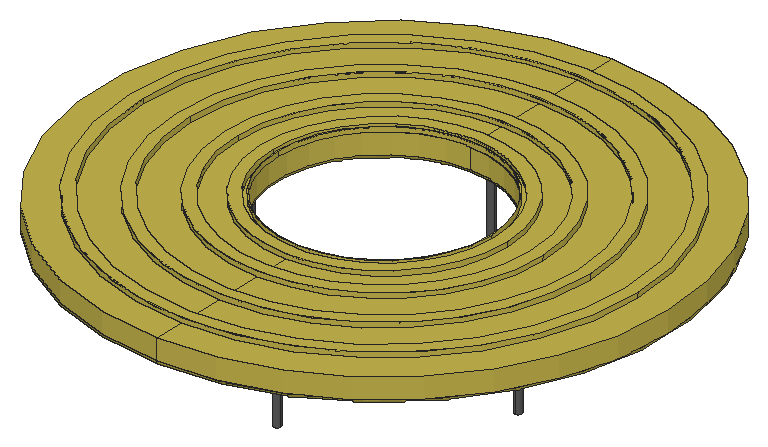
Revit family "Haworth_BuzziDonut", category Furniture, host Face, Revit 2018 (continued)
Definition of nested family "Haworth_BuzziDonut_Screen_Large_PART"
  Automatic sketch dimensions
    Extrusion 9 sketch curve to Extrusion 9 sketch curve = 1.3314"
    Extrusion 9 sketch curve to Extrusion 9 sketch curve = 0.94454"
    Extrusion 9 sketch curve to Extrusion 9 sketch curve = 0.73253"
    Extrusion 9 sketch curve to Extrusion 9 sketch curve = 0.82303"
    Extrusion 9 sketch curve to plane 9 "Inside Front" = 0.17797"
    Extrusion 9 sketch curve to Extrusion 9 sketch curve = 1.10167"
    Extrusion 9 sketch curve to Extrusion 9 sketch curve = 0.89847"
    plane 10 "Cable Back" to Extrusion 9 sketch curve = 0.59177"
    Extrusion 9 sketch curve to plane 3 "Center (Left/Right)" = 1.40352"
    Extrusion 9 sketch curve to Extrusion 9 sketch curve = 0.38731"
    Extrusion 9 sketch curve to plane 3 "Center (Left/Right)" = 0.9784"
    Extrusion 9 sketch curve to plane 3 "Center (Left/Right)" = 0.85219"
    Extrusion 9 sketch curve to plane 3 "Center (Left/Right)" = 0.5055"
    Extrusion 9 sketch curve to plane 3 "Center (Left/Right)" = 0.3472"
    Extrusion 9 sketch curve to plane 3 "Center (Left/Right)" = 0.15046"
    Extrusion 9 sketch curve to plane 3 "Center (Left/Right)" = 0.10165"
    Extrusion 9 sketch curve to plane 3 "Center (Left/Right)" = 0.04402"
    plane 3 "Center (Left/Right)" to Extrusion 9 sketch curve = 0.10604"
    plane 3 "Center (Left/Right)" to Extrusion 9 sketch curve = 0.22207"
    plane 3 "Center (Left/Right)" to Extrusion 9 sketch curve = 0.45599"
    Extrusion 9 sketch curve to Extrusion 9 sketch curve = 0.84502"
    plane 3 "Center (Left/Right)" to Extrusion 9 sketch curve = 1.40498"
    Extrusion 9 sketch curve to plane 9 "Inside Front" = 0.11763"
    plane 3 "Center (Left/Right)" to Extrusion 9 sketch curve = 1.41769"
    plane 3 "Center (Left/Right)" to Extrusion 9 sketch curve = 2.22563"
    Extrusion 9 sketch curve to Extrusion 9 sketch curve = 1.08353"
    Extrusion 9 sketch curve to Extrusion 9 sketch curve = 0.27982"
    Extrusion 9 sketch curve to plane 5 "Back" = 1.12908"
    Extrusion 9 sketch curve to Extrusion 9 sketch curve = 0.32947"
    Extrusion 9 sketch curve to Extrusion 9 sketch curve = 0.42115"
    Extrusion 9 sketch curve to Extrusion 9 sketch curve = 1.9824"
    Extrusion 9 sketch curve to plane 9 "Inside Front" = 0.53765"
    Extrusion 9 sketch curve to plane 5 "Back" = 1.52053"
    Extrusion 9 sketch curve to Extrusion 9 sketch curve = 0.33667"
    Extrusion 9 sketch curve to Extrusion 9 sketch curve = 0.95714"
    Extrusion 9 sketch curve to Extrusion 9 sketch curve = 0.28325"
    Extrusion 9 sketch curve to Extrusion 9 sketch curve = 0.0128"
    Extrusion 9 sketch curve to Extrusion 9 sketch curve = 0.31812"
    Extrusion 9 sketch curve to plane 10 "Cable Back" = 0.14323"
    plane 3 "Center (Left/Right)" to Extrusion 9 sketch curve = 3.93183"
    Extrusion 9 sketch curve to plane 4 "Front" = 1.75624"
    Extrusion 9 sketch curve to Extrusion 9 sketch curve = 1.01562"
    Extrusion 9 sketch curve to plane 5 "Back" = 1.30814"
    Extrusion 9 sketch curve to Extrusion 9 sketch curve = 0.8312"
    plane 10 "Cable Back" to Extrusion 9 sketch curve = 0.84143"
    Extrusion 9 sketch curve to Extrusion 9 sketch curve = 0.05922"
    Extrusion 9 sketch curve to Extrusion 9 sketch curve = 0.98632"
    Extrusion 9 sketch curve to Extrusion 9 sketch curve = 0.00961"
    Extrusion 9 sketch curve to plane 8 "Inside Back" = 1.41818"
    Extrusion 9 sketch curve to Extrusion 9 sketch curve = 0.8784"
    plane 10 "Cable Back" to Extrusion 9 sketch curve = 0.31389"
    Extrusion 9 sketch curve to Extrusion 9 sketch curve = 0.86714"
    plane 9 "Inside Front" to Extrusion 9 sketch curve = 2.3941"
    Extrusion 9 sketch curve to Extrusion 9 sketch curve = 2.41791"
    Extrusion 9 sketch curve to Extrusion 9 sketch curve = 0.30593"
    plane 9 "Inside Front" to Extrusion 9 sketch curve = 1.42783"
    Extrusion 9 sketch curve to Extrusion 9 sketch curve = 0.39853"
    plane 8 "Inside Back" to Extrusion 9 sketch curve = 0.35855"
    Extrusion 9 sketch curve to Extrusion 9 sketch curve = 0.80611"
    Extrusion 9 sketch curve to plane 8 "Inside Back" = 2.01082"
    Extrusion 9 sketch curve to plane 5 "Back" = 1.8566"
    Extrusion 9 sketch curve to Extrusion 9 sketch curve = 1.82933"
    plane 9 "Inside Front" to Extrusion 9 sketch curve = 2.62974"
    Extrusion 9 sketch curve to Extrusion 9 sketch curve = 0.66156"
    plane 9 "Inside Front" to Extrusion 9 sketch curve = 0.63768"
    Extrusion 9 sketch curve to Extrusion 9 sketch curve = 0.67805"
    plane 9 "Inside Front" to Extrusion 9 sketch curve = 1.56971"
    Extrusion 9 sketch curve to Extrusion 9 sketch curve = 0.32811"
    Extrusion 9 sketch curve to plane 8 "Inside Back" = 0.17327"
    Extrusion 9 sketch curve to Extrusion 9 sketch curve = 0.83953"
    plane 8 "Inside Back" to Extrusion 9 sketch curve = 0.8766"
    Extrusion 9 sketch curve to Extrusion 9 sketch curve = 0.86765"
    Extrusion 9 sketch curve to plane 4 "Front" = 2.38585"
    Extrusion 9 sketch curve to Extrusion 9 sketch curve = 2.5833"
    Extrusion 9 sketch curve to plane 9 "Inside Front" = 3.46533"
    Extrusion 9 sketch curve to Extrusion 9 sketch curve = 1.02666"
    Extrusion 9 sketch curve to Extrusion 9 sketch curve = 2.20238"
    Extrusion 9 sketch curve to plane 4 "Front" = 2.72554"
    Extrusion 9 sketch curve to Extrusion 9 sketch curve = 0.95505"
    Extrusion 9 sketch curve to plane 9 "Inside Front" = 4.27802"
    plane 10 "Cable Back" to Extrusion 9 sketch curve = 3.22384"
    Extrusion 9 sketch curve to Extrusion 9 sketch curve = 0.75407"
    Extrusion 9 sketch curve to Extrusion 9 sketch curve = 0.81404"
    plane 9 "Inside Front" to Extrusion 9 sketch curve = 0.03915"
    Extrusion 9 sketch curve to Extrusion 9 sketch curve = 2.34242"
    Extrusion 9 sketch curve to Extrusion 9 sketch curve = 0.99355"
    plane 10 "Cable Back" to Extrusion 9 sketch curve = 3.78144"
    Extrusion 9 sketch curve to Extrusion 9 sketch curve = 0.82137"
    plane 9 "Inside Front" to Extrusion 9 sketch curve = 0.9665"
    Extrusion 9 sketch curve to Extrusion 9 sketch curve = 0.34646"
    Extrusion 9 sketch curve to plane 1 "Center (Front/Back)" = 1.62232"
    Extrusion 9 sketch curve to Extrusion 9 sketch curve = 3.08871"
    Extrusion 9 sketch curve to Extrusion 9 sketch curve = 0.26963"
    Extrusion 9 sketch curve to plane 9 "Inside Front" = 3.48567"
    Extrusion 9 sketch curve to Extrusion 9 sketch curve = 0.43446"
    Extrusion 9 sketch curve to plane 1 "Center (Front/Back)" = 0.64512"
    Extrusion 9 sketch curve to plane 4 "Front" = 3.29472"
    Extrusion 9 sketch curve to Extrusion 9 sketch curve = 0.53136"
    Extrusion 9 sketch curve to Extrusion 9 sketch curve = 0.55151"
    Extrusion 9 sketch curve to plane 9 "Inside Front" = 2.64819"
    Extrusion 9 sketch curve to Extrusion 9 sketch curve = 0.98425"
    Extrusion 9 sketch curve to plane 4 "Front" = 4.24117"
    Extrusion 9 sketch curve to Extrusion 9 sketch curve = 0.98179"
    plane 9 "Inside Front" to Extrusion 9 sketch curve = 0.78744"
    Extrusion 9 sketch curve to Extrusion 9 sketch curve = 0.58886"
    Extrusion 9 sketch curve to plane 4 "Front" = 4.13433"
    Extrusion 9 sketch curve to Extrusion 9 sketch curve = 1.13748"  (x2)
    Extrusion 9 sketch curve to plane 5 "Back" = 4.07861"
    Extrusion 9 sketch curve to Extrusion 9 sketch curve = 3.5539"
    Extrusion 9 sketch curve to plane 1 "Center (Front/Back)" = 0.86541"
    Extrusion 9 sketch curve to Extrusion 9 sketch curve = 2.67437"
    Extrusion 9 sketch curve to plane 4 "Front" = 4.58651"
    Extrusion 9 sketch curve to Extrusion 9 sketch curve = 0.91953"
    Extrusion 9 sketch curve to plane 1 "Center (Front/Back)" = 1.86107"
    Extrusion 9 sketch curve to Extrusion 9 sketch curve = 0.09799"
    Extrusion 9 sketch curve to plane 8 "Inside Back" = 1.31069"
    Extrusion 9 sketch curve to Extrusion 9 sketch curve = 5.45456"
    plane 9 "Inside Front" to Extrusion 9 sketch curve = 4.15372"
    Extrusion 9 sketch curve to Extrusion 9 sketch curve = 2.65806"
    Extrusion 9 sketch curve to plane 5 "Back" = 4.44237"
    Extrusion 9 sketch curve to Extrusion 9 sketch curve = 0.59364"
    Extrusion 9 sketch curve to plane 8 "Inside Back" = 2.46324"
    Extrusion 9 sketch curve to Extrusion 9 sketch curve = 0.22661"
    Extrusion 9 sketch curve to Extrusion 9 sketch curve = 0.33935"
    Extrusion 9 sketch curve to plane 1 "Center (Front/Back)" = 1.2589"
    Extrusion 9 sketch curve to Extrusion 9 sketch curve = 0.90247"
    Extrusion 9 sketch curve to plane 10 "Cable Back" = 0.60012"
    Extrusion 9 sketch curve to Extrusion 9 sketch curve = 0.62645"
    plane 1 "Center (Front/Back)" to Extrusion 9 sketch curve = 1.61666"
    Extrusion 9 sketch curve to Extrusion 9 sketch curve = 1.15257"
    plane 9 "Inside Front" to Extrusion 9 sketch curve = 4.75099"
    Extrusion 9 sketch curve to Extrusion 9 sketch curve = 0.80798"
    Extrusion 9 sketch curve to Extrusion 9 sketch curve = 0.3578"
    plane 9 "Inside Front" to Extrusion 9 sketch curve = 3.75698"
    Extrusion 9 sketch curve to Extrusion 9 sketch curve = 0.19524"
    Extrusion 9 sketch curve to Extrusion 9 sketch curve = 0.66623"
    plane 1 "Center (Front/Back)" to Extrusion 9 sketch curve = 2.37594"
    Extrusion 9 sketch curve to Extrusion 9 sketch curve = 0.63068"
    Extrusion 9 sketch curve to plane 10 "Cable Back" = 0.1436"
    Extrusion 9 sketch curve to Extrusion 9 sketch curve = 1.09476"
    plane 1 "Center (Front/Back)" to Extrusion 9 sketch curve = 1.41033"
    Extrusion 9 sketch curve to Extrusion 9 sketch curve = 0.98938"
    Extrusion 9 sketch curve to Extrusion 9 sketch curve = 2.1623"
    Extrusion 9 sketch curve to plane 10 "Cable Back" = 1.01153"
    Extrusion 9 sketch curve to Extrusion 9 sketch curve = 0.47593"
    Extrusion 9 sketch curve to Extrusion 9 sketch curve = 0.5746"
    Extrusion 9 sketch curve to plane 1 "Center (Front/Back)" = 4.33939"
    Extrusion 9 sketch curve to Extrusion 9 sketch curve = 2.26832"
    Extrusion 9 sketch curve to plane 10 "Cable Back" = 0.15031"
    plane 1 "Center (Front/Back)" to Extrusion 9 sketch curve = 2.39931"
    Extrusion 9 sketch curve to Extrusion 9 sketch curve = 1.28724"
    Extrusion 9 sketch curve to Extrusion 9 sketch curve = 0.97472"
    Extrusion 9 sketch curve to plane 8 "Inside Back" = 3.95031"
    Extrusion 9 sketch curve to Extrusion 9 sketch curve = 0.83626"
    Extrusion 9 sketch curve to plane 1 "Center (Front/Back)" = 3.91251"
    Extrusion 9 sketch curve to Extrusion 9 sketch curve = 0.16599"
    plane 1 "Center (Front/Back)" to Extrusion 9 sketch curve = 3.03387"
    Extrusion 9 sketch curve to Extrusion 9 sketch curve = 0.82594"
    Extrusion 9 sketch curve to Extrusion 9 sketch curve = 1.53895"
    Extrusion 9 sketch curve to Extrusion 9 sketch curve = 0.18318"
    Extrusion 9 sketch curve to plane 9 "Inside Front" = 0.97334"
    Extrusion 9 sketch curve to Extrusion 9 sketch curve = 0.56984"
    plane 9 "Inside Front" to Extrusion 9 sketch curve = 0.01344"
    Extrusion 9 sketch curve to Extrusion 9 sketch curve = 0.03763"
    Extrusion 9 sketch curve to plane 9 "Inside Front" = 0.52001"
    Extrusion 9 sketch curve to Extrusion 9 sketch curve = 0.87514"
    Extrusion 9 sketch curve to Extrusion 9 sketch curve = 1.06776"
    Extrusion 9 sketch curve to Extrusion 9 sketch curve = 2.27045"
    Extrusion 9 sketch curve to Extrusion 9 sketch curve = 0.86105"
    Extrusion 9 sketch curve to plane 8 "Inside Back" = 2.80851"
    Extrusion 9 sketch curve to Extrusion 9 sketch curve = 2.73804"
    Extrusion 9 sketch curve to Extrusion 9 sketch curve = 0.09501"
    Extrusion 9 sketch curve to Extrusion 9 sketch curve = 0.72589"
    plane 10 "Cable Back" to Extrusion 9 sketch curve = 2.26952"
    Extrusion 9 sketch curve to Extrusion 9 sketch curve = 0.72103"
    Extrusion 9 sketch curve to Extrusion 9 sketch curve = 0.79257"
    Extrusion 9 sketch curve to Extrusion 9 sketch curve = 0.2309"
    Extrusion 9 sketch curve to plane 8 "Inside Back" = 0.35468"
    Extrusion 9 sketch curve to Extrusion 9 sketch curve = 0.50646"
    Extrusion 9 sketch curve to Extrusion 9 sketch curve = 0.64508"
    plane 8 "Inside Back" to Extrusion 9 sketch curve = 0.53587"
    Extrusion 9 sketch curve to Extrusion 9 sketch curve = 0.43101"
    Extrusion 9 sketch curve to Extrusion 9 sketch curve = 0.97952"
    Extrusion 9 sketch curve to Extrusion 9 sketch curve = 1.12626"
    Extrusion 9 sketch curve to plane 1 "Center (Front/Back)" = 0.44481"
    Extrusion 9 sketch curve to Extrusion 9 sketch curve = 0.05787"
    Extrusion 9 sketch curve to plane 8 "Inside Back" = 0.27299"
    Extrusion 9 sketch curve to Extrusion 9 sketch curve = 0.59085"
    plane 1 "Center (Front/Back)" to Extrusion 9 sketch curve = 0.37534"
    Extrusion 9 sketch curve to Extrusion 9 sketch curve = 0.54416"
    Extrusion 9 sketch curve to plane 10 "Cable Back" = 0.60895"
    Extrusion 9 sketch curve to Extrusion 9 sketch curve = 1.03603"
    plane 9 "Inside Front" to Extrusion 9 sketch curve = 0.56224"
    Extrusion 9 sketch curve to Extrusion 9 sketch curve = 1.3535"
    Extrusion 9 sketch curve to plane 1 "Center (Front/Back)" = 0.51581"
    Extrusion 9 sketch curve to Extrusion 9 sketch curve = 0.4541"
    plane 8 "Inside Back" to Extrusion 9 sketch curve = 0.693"
    Extrusion 9 sketch curve to Extrusion 9 sketch curve = 0.46036"
    Extrusion 9 sketch curve to plane 9 "Inside Front" = 0.35558"
    Extrusion 9 sketch curve to Extrusion 9 sketch curve = 0.4151"
    Extrusion 9 sketch curve to Extrusion 9 sketch curve = 2.59229"
    Extrusion 9 sketch curve to Extrusion 9 sketch curve = 0.10962"
    Extrusion 9 sketch curve to plane 6 "Left" = 2.14687"
    Extrusion 9 sketch curve to Extrusion 9 sketch curve = 0.78726"
    Extrusion 9 sketch curve to plane 6 "Left" = 1.47497"
    Extrusion 9 sketch curve to plane 6 "Left" = 1.43095"
    Extrusion 9 sketch curve to Extrusion 9 sketch curve = 0.1139"
    Extrusion 9 sketch curve to Extrusion 9 sketch curve = 0.17337"
    Extrusion 9 sketch curve to Extrusion 9 sketch curve = 0.09984"
    Extrusion 9 sketch curve to plane 6 "Left" = 1.20866"
    Extrusion 9 sketch curve to Extrusion 9 sketch curve = 0.15755"
    Extrusion 9 sketch curve to Extrusion 9 sketch curve = 0.14687"
    Extrusion 9 sketch curve to plane 4 "Front" = 1.45964"
    Extrusion 9 sketch curve to Extrusion 9 sketch curve = 0.0474"
    Extrusion 9 sketch curve to Extrusion 9 sketch curve = 0.93966"
    Extrusion 9 sketch curve to Extrusion 9 sketch curve = 0.54067"
    Extrusion 9 sketch curve to Extrusion 9 sketch curve = 0.48755"
    Extrusion 9 sketch curve to Extrusion 9 sketch curve = 1.88012"
    Extrusion 9 sketch curve to Extrusion 9 sketch curve = 0.10796"
    Extrusion 9 sketch curve to Extrusion 9 sketch curve = 0.09204"
    Extrusion 9 sketch curve to Extrusion 9 sketch curve = 1.01362"
    Extrusion 9 sketch curve to Extrusion 9 sketch curve = 0.98949"
    Extrusion 9 sketch curve to Extrusion 9 sketch curve = 1.98345"
    Extrusion 9 sketch curve to Extrusion 9 sketch curve = 0.99264"
    Extrusion 9 sketch curve to Extrusion 9 sketch curve = 0.28508"
    Extrusion 9 sketch curve to Extrusion 9 sketch curve = 1.47799"
    Extrusion 9 sketch curve to Extrusion 9 sketch curve = 0.99149"
    Extrusion 9 sketch curve to Extrusion 9 sketch curve = 0.4877"
    Extrusion 9 sketch curve to Extrusion 9 sketch curve = 0.15792"
    Extrusion 9 sketch curve to Extrusion 9 sketch curve = 1.29778"
    Extrusion 9 sketch curve to Extrusion 9 sketch curve = 0.18803"
    Extrusion 9 sketch curve to Extrusion 9 sketch curve = 3.04143"
    Extrusion 9 sketch curve to Extrusion 9 sketch curve = 0.0714"
    Extrusion 9 sketch curve to Extrusion 9 sketch curve = 0.82999"
    Extrusion 9 sketch curve to Extrusion 9 sketch curve = 0.42611"
    Extrusion 9 sketch curve to Extrusion 9 sketch curve = 0.67833"
    Extrusion 9 sketch curve to Extrusion 9 sketch curve = 0.60571"
    Extrusion 9 sketch curve to Extrusion 9 sketch curve = 1.35098"
    Extrusion 9 sketch curve to Extrusion 9 sketch curve = 0.35873"
    Extrusion 9 sketch curve to Extrusion 9 sketch curve = 0.86508"
    Extrusion 9 sketch curve to Extrusion 9 sketch curve = 0.37999"
    Extrusion 9 sketch curve to Extrusion 9 sketch curve = 0.62339"
    Extrusion 9 sketch curve to Extrusion 9 sketch curve = 1.18946"
    Extrusion 9 sketch curve to Extrusion 9 sketch curve = 0.80867"
    Extrusion 9 sketch curve to Extrusion 9 sketch curve = 0.38034"
    Extrusion 9 sketch curve to Extrusion 9 sketch curve = 2.53462"
    Extrusion 9 sketch curve to Extrusion 9 sketch curve = 0.62834"
    Extrusion 9 sketch curve to Extrusion 9 sketch curve = 0.14868"
    Extrusion 9 sketch curve to Extrusion 9 sketch curve = 0.23442"
    Extrusion 9 sketch curve to Extrusion 9 sketch curve = 0.44738"
    Extrusion 9 sketch curve to Extrusion 9 sketch curve = 1.03803"
    Extrusion 9 sketch curve to Extrusion 9 sketch curve = 0.73396"
    Extrusion 9 sketch curve to Extrusion 9 sketch curve = 0.542"
    Extrusion 9 sketch curve to Extrusion 9 sketch curve = 0.7389"
    Extrusion 9 sketch curve to Extrusion 9 sketch curve = 0.94809"
    Extrusion 9 sketch curve to Extrusion 9 sketch curve = 1.03972"
    Extrusion 9 sketch curve to Extrusion 9 sketch curve = 0.09379"
    Extrusion 9 sketch curve to plane 9 "Inside Front" = 0.13328"
    Extrusion 9 sketch curve to plane 9 "Inside Front" = 1.79583"
    Extrusion 9 sketch curve to Extrusion 9 sketch curve = 0.05541"
    Extrusion 9 sketch curve to Extrusion 9 sketch curve = 2.70689"
    Extrusion 9 sketch curve to Extrusion 9 sketch curve = 0.27337"
    Extrusion 9 sketch curve to Extrusion 9 sketch curve = 0.55325"
    Extrusion 9 sketch curve to Extrusion 9 sketch curve = 0.95687"
    Extrusion 9 sketch curve to Extrusion 9 sketch curve = 0.98447"
    Extrusion 9 sketch curve to Extrusion 9 sketch curve = 0.97757"
    Extrusion 9 sketch curve to Extrusion 9 sketch curve = 3.18158"
    Extrusion 9 sketch curve to Extrusion 9 sketch curve = 0.36322"
    Extrusion 9 sketch curve to Extrusion 9 sketch curve = 1.12072"
    Extrusion 9 sketch curve to Extrusion 9 sketch curve = 1.38392"
    Extrusion 9 sketch curve to Extrusion 9 sketch curve = 0.86326"
    plane 1 "Center (Front/Back)" to Extrusion 9 sketch curve = 1.11537"
    plane 1 "Center (Front/Back)" to Extrusion 9 sketch curve = 0.85307"
    Extrusion 9 sketch curve to plane 1 "Center (Front/Back)" = 0.71948"
    Extrusion 9 sketch curve to plane 1 "Center (Front/Back)" = 1.09846"
    Extrusion 9 sketch curve to plane 1 "Center (Front/Back)" = 1.45933"
    Extrusion 9 sketch curve to Extrusion 9 sketch curve = 1.1255"
    Extrusion 9 sketch curve to Extrusion 9 sketch curve = 1.4904"
    Extrusion 9 sketch curve to Extrusion 9 sketch curve = 1.20061"
    Extrusion 9 sketch curve to Extrusion 9 sketch curve = 1.28328"
    Extrusion 9 sketch curve to Extrusion 9 sketch curve = 1.45085"
    Extrusion 9 sketch curve to Extrusion 9 sketch curve = 1.02678"
    Extrusion 9 sketch curve to Extrusion 9 sketch curve = 0.12344"
    Extrusion 9 sketch curve to Extrusion 9 sketch curve = 1.51387"
    Extrusion 9 sketch curve to Extrusion 9 sketch curve = 0.9557"
    Extrusion 9 sketch curve to plane 8 "Inside Back" = 2.11171"
    Extrusion 9 sketch curve to Extrusion 9 sketch curve = 0.64162"
    Extrusion 9 sketch curve to Extrusion 9 sketch curve = 0.3451"
    plane 8 "Inside Back" to Extrusion 9 sketch curve = 0.73268"
    plane 8 "Inside Back" to Extrusion 9 sketch curve = 0.87333"
    plane 10 "Cable Back" to Extrusion 9 sketch curve = 0.40168"
    Extrusion 9 sketch curve to Extrusion 9 sketch curve = 0.95359"
    Extrusion 9 sketch curve to Extrusion 9 sketch curve = 0.16223"
    Extrusion 9 sketch curve to Extrusion 9 sketch curve = 0.94627"
    Extrusion 9 sketch curve to Extrusion 9 sketch curve = 1.9305"
    Extrusion 9 sketch curve to Extrusion 9 sketch curve = 0.93598"
    Extrusion 9 sketch curve to Extrusion 9 sketch curve = 0.85217"
    Extrusion 9 sketch curve to Extrusion 9 sketch curve = 0.01323"
    Extrusion 9 sketch curve to Extrusion 9 sketch curve = 0.63883"
    Extrusion 9 sketch curve to Extrusion 9 sketch curve = 0.80363"
    Extrusion 9 sketch curve to Extrusion 9 sketch curve = 0.64117"
    Extrusion 9 sketch curve to Extrusion 9 sketch curve = 1.34807"
    Extrusion 9 sketch curve to Extrusion 9 sketch curve = 2.47809"
    Extrusion 9 sketch curve to Extrusion 9 sketch curve = 4.43107"
    Extrusion 9 sketch curve to Extrusion 9 sketch curve = 0.1506"
    Extrusion 9 sketch curve to Extrusion 9 sketch curve = 0.19848"
    Extrusion 9 sketch curve to Extrusion 9 sketch curve = 0.10684"
    Extrusion 9 sketch curve to Extrusion 9 sketch curve = 0.25713"
    Extrusion 9 sketch curve to Extrusion 9 sketch curve = 3.24325"
    Extrusion 9 sketch curve to Extrusion 9 sketch curve = 0.82902"
    Extrusion 9 sketch curve to Extrusion 9 sketch curve = 0.74282"
    Extrusion 9 sketch curve to Extrusion 9 sketch curve = 0.7692"
    Extrusion 9 sketch curve to Extrusion 9 sketch curve = 0.95988"
    Extrusion 9 sketch curve to Extrusion 9 sketch curve = 0.60046"
    Extrusion 9 sketch curve to Extrusion 9 sketch curve = 0.80759"
    Extrusion 9 sketch curve to Extrusion 9 sketch curve = 0.08903"
    Extrusion 9 sketch curve to Extrusion 9 sketch curve = 0.93959"
    Extrusion 9 sketch curve to Extrusion 9 sketch curve = 0.93459"
    Extrusion 9 sketch curve to plane 5 "Back" = 2.38393"
    Extrusion 9 sketch curve to Extrusion 9 sketch curve = 0.73492"
    Extrusion 9 sketch curve to Extrusion 9 sketch curve = 0.69436"
    Extrusion 9 sketch curve to Extrusion 9 sketch curve = 0.95213"
    Extrusion 9 sketch curve to Extrusion 9 sketch curve = 0.25359"
    Extrusion 9 sketch curve to Extrusion 9 sketch curve = 0.63014"
    Extrusion 9 sketch curve to plane 5 "Back" = 0.9956"
    Extrusion 9 sketch curve to plane 5 "Back" = 0.98082"
    plane 1 "Center (Front/Back)" to Extrusion 9 sketch curve = 1.37292"
    Extrusion 9 sketch curve to Extrusion 9 sketch curve = 1.13287"
    Extrusion 9 sketch curve to plane 9 "Inside Front" = 0.29221"
    Extrusion 9 sketch curve to Extrusion 9 sketch curve = 0.2372"
    Extrusion 9 sketch curve to Extrusion 9 sketch curve = 0.05771"
    plane 14 "Cable Control" to Masking region 2 sketch curve = 0.150"  (x2)
    radius of Extrusion 1 sketch curve = 0.300"
    radius of Extrusion 4 sketch curve = 0.300"
    radius of Extrusion 5 sketch curve = 0.300"
    radius of Extrusion 6 sketch curve = 0.300"
    radius of Extrusion 8 sketch curve = 21.03888"
    radius of Extrusion 8 sketch curve = 20.0501"
    radius of Extrusion 8 sketch curve = 17.09732"
    radius of Extrusion 8 sketch curve = 16.12524"
    radius of Extrusion 8 sketch curve = 13.18179"
    radius of Extrusion 8 sketch curve = 12.19438"
    radius of Extrusion 8 sketch curve = 10.22269"
    radius of Extrusion 8 sketch curve = 8.89764"
    radius of Extrusion 8 sketch curve = 8.85827"
    radius of Extrusion 9 sketch curve = 23.62205"
Definition of nested family "Haworth_BuzziDonut_Screen_Medium_PART"
  Parameters (values of type "Medium Screen")
    Warranty = "https://www.haworth.com/resources/product-info/warranties"
    URL - Product = "https://www.haworth.com/products/architectural-interiors/acoustic-solutions/buzzidonut"
    URL = "https://www.haworth.com/our-brands/haworth-collection"
    Trim Finish = none
    Revision = "1"  # constant formula
    Outside Radius = Actual Width / 2  # 19.685"
    Outer Upholstery Finish = none
    Note = "Verify Final Dim. w/ Haworth"  # constant formula
    Model = "HCBZ-DNS"  # constant formula
    Manufacturer = "Haworth"  # constant formula
    Inside Radius = 17.720" / 2  # 8.860"
    Flat = yes
    Description = "Haworth - BuzziDonut - Screen - Part"  # constant formula
    Cable Length = 10.000"
    Author = "Haworth (Alias)"  # constant formula
    Assembly Code = "E2020200"
    Actual Width = 39.370"  # constant formula
    Actual Height = 2.360"  # constant formula
    Actual Depth = 39.370"  # constant formula
    3D Rib = yes
    3D Leaf = yes
    3D Drop = yes
  Reference planes (in)
    plane 1 "Center (Front/Back)": y = 0
    plane 2: z = 0
    plane 3 "Center (Left/Right)": x = 0
    plane 4 "Front": y = -19.685
    plane 5 "Back": y = 19.685
    plane 6 "Left": x = 19.685
    plane 7 "Right": x = -19.685
    plane 8 "Inside Back": y = 8.86
    plane 9 "Inside Front": y = -8.86
    plane 10 "Cable Back": y = 11.11
    plane 11 "Cable End": z = 10
    plane 12 "Screen End": z = 12.36
    plane 13: z = 11.96
    plane 14 "Cable Control": z = 10.1
  Forms (in)
    Extrusion 1, solid, material <- "Trim Finish"
      sketch origin (0, 0, 0) x (1, 0, 0) y (0, 1, 0)
        loop
          circle (0, 11.11) r 0.3
      from 0 to 10.1
    Revolve 2, solid, material <- "Outer Upholstery Finish"
      sketch origin (0, 0, 0) x (0, 1, 0) y (0, 0, 1)
        loop
          arc (8.86, 10.25) -> (8.93322, 10.07322) -> (9.11, 10) r 0.25
          line (9.11, 10) -> (19.435, 10)
          arc (19.435, 10) -> (19.61178, 10.07322) -> (19.685, 10.25) r 0.25
          line (19.685, 10.25) -> (19.685, 11.96) -> (8.86, 11.96) -> (8.86, 10.25)
        axis (0, 11.96) -> (0, 10)
      angle from 0 to 360
    Revolve 3, solid, material <- "Outer Upholstery Finish", visible <- "Flat"
      sketch origin (0, 0, 0) x (0, 1, 0) y (0, 0, 1)
        loop
          line (8.86, 11.96) -> (19.685, 11.96) -> (19.685, 12.06)
          arc (19.685, 12.06) -> (19.59713, 12.27213) -> (19.385, 12.36) r 0.3
          line (19.385, 12.36) -> (9.16, 12.36)
          arc (9.16, 12.36) -> (8.94787, 12.27213) -> (8.86, 12.06) r 0.3
          line (8.86, 12.06) -> (8.86, 11.96)
        axis (0, 12.36) -> (0, 11.96)
      angle from 0 to 360
    Extrusion 4, solid, material <- "Trim Finish"
      sketch origin (0, 0, 0) x (0, 1, 0) y (-1, 0, 0)
        loop
          circle (0, 11.11) r 0.3
      from 0 to 10.1
    Extrusion 5, solid, material <- "Trim Finish"
      sketch origin (0, 0, 0) x (-1, 0, 0) y (0, -1, 0)
        loop
          circle (0, 11.11) r 0.3
      from 0 to 10.1
    Extrusion 6, solid, material <- "Trim Finish"
      sketch origin (0, 0, 0) x (0, -1, 0) y (1, 0, 0)
        loop
          circle (0, 11.11) r 0.3
      from 0 to 10.1
    Extrusion 7, solid, material <- "Outer Upholstery Finish", visible <- "3D Leaf"
      sketch origin (0, 0, 0) x (1, 0, 0) y (0, 1, 0)
        loop
          circle (0.00004, 0.00004) r 19.68504
        loop
          arc (-1.41155, 18.64748) -> (-3.83056, 18.3043) -> (-6.18419, 17.64869) r 18.70079
          line (-6.18419, 17.64869) -> (-4.13297, 13.22887) -> (-1.01822, 12.59704) -> (-0.5075, 17.12302) -> (-1.41155, 18.64748)
        loop
          line (0.22006, 17.82576) -> (2.36546, 18.55063)
          arc (2.36546, 18.55063) -> (1.03663, 18.67208) -> (-0.29747, 18.69846) r 18.70079
          line (-0.29747, 18.69846) -> (0.22006, 17.82576)
        loop
          line (3.74196, 18.32263) -> (7.87261, 15.58338) -> (9.24271, 16.25712)
          arc (9.24271, 16.25712) -> (6.57396, 17.50727) -> (3.74196, 18.32263) r 18.70079
        loop
          line (2.90765, 17.6949) -> (0.45398, 16.86588) -> (-0.04603, 12.43481) -> (3.98904, 11.92097) -> (7.05856, 14.94221) -> (2.90765, 17.6949)
        loop
          line (7.81263, 14.30338) -> (4.85618, 11.39343) -> (6.48198, 9.70614) -> (11.90842, 7.51884) -> (11.90842, 9.70287) -> (7.81263, 14.30338)
        loop
          line (8.63401, 14.86098) -> (12.53488, 10.47941) -> (13.62963, 10.93594) -> (13.78179, 12.64056)
          arc (13.78179, 12.64056) -> (12.10364, 14.25565) -> (10.23775, 15.6496) r 18.70079
          line (10.23775, 15.6496) -> (8.63401, 14.86098)
        loop
          line (14.67619, 11.59012) -> (14.6172, 10.92923) -> (15.36777, 10.65613)
          arc (15.36777, 10.65613) -> (15.02924, 11.1285) -> (14.67619, 11.59012) r 18.70079
        loop
          line (16.22654, 9.29628) -> (14.10557, 10.06801) -> (12.89268, 9.56222) -> (12.89268, 7.00792) -> (15.23962, 4.87923) -> (17.73863, 5.92135)
          arc (17.73863, 5.92135) -> (17.06622, 7.64628) -> (16.22654, 9.29628) r 18.70079
        loop
          line (18.0269, 4.97515) -> (15.40561, 3.88205) -> (12.41178, 1.22844) -> (13.65126, -1.44079) -> (14.93849, -2.42977) -> (18.70076, 0.04813)
          arc (18.70076, 0.04813) -> (18.52834, 2.53414) -> (18.0269, 4.97515) r 18.70079
        loop
          line (14.40336, 4.30893) -> (12.13504, 6.3663) -> (6.45386, 8.65627) -> (5.62956, 6.83944)
          arc (5.62956, 6.83944) -> (5.39158, 7.02857) -> (5.14724, 7.20942) r 8.85827
          arc (5.14724, 7.20942) -> (4.98398, 7.32324) -> (4.8182, 7.43336) r 8.85827
          line (4.8182, 7.43336) -> (5.61433, 9.18809) -> (3.92983, 10.93631) -> (-0.3492, 11.48122) -> (-2.30168, 8.55404)
          arc (-2.30168, 8.55404) -> (-3.53643, 8.12176) -> (-4.69405, 7.51232) r 8.85827
          arc (-4.69405, 7.51232) -> (-6.23097, 6.29635) -> (-7.4629, 4.77219) r 8.85827
          line (-7.4629, 4.77219) -> (-7.11258, 6.46952) -> (-8.05624, 8.3421) -> (-12.54637, 6.13413) -> (-13.58382, 3.53656) -> (-11.62869, 1.63987) -> (-9.40595, 1.82296) -> (-8.35451, 2.94458)
          arc (-8.35451, 2.94458) -> (-8.81328, 0.89131) -> (-8.77489, -1.21223) r 8.85827
          arc (-8.77489, -1.21223) -> (-8.20746, -3.3325) -> (-7.13614, -5.24818) r 8.85827
          line (-7.13614, -5.24818) -> (-7.72437, -5.19293) -> (-9.8571, -9.35314) -> (-9.36529, -10.53252) -> (-6.72837, -10.53252) -> (-3.02331, -8.32632)
          arc (-3.02331, -8.32632) -> (-2.37479, -8.53396) -> (-1.71224, -8.69116) r 8.85827
          line (-1.71224, -8.69116) -> (-2.84971, -9.36848) -> (-0.15247, -12.68113) -> (2.50344, -12.8508) -> (4.92136, -11.28456) -> (5.31988, -10.3183) -> (1.36439, -8.75253)
          arc (1.36439, -8.75253) -> (1.83647, -8.66578) -> (2.30316, -8.55359) r 8.85827
          arc (2.30316, -8.55359) -> (2.64938, -8.45277) -> (2.9912, -8.33794) r 8.85827
          line (2.9912, -8.33794) -> (5.99793, -9.52814) -> (8.34035, -8.92962) -> (8.34035, -6.29768) -> (7.01008, -5.41551)
          arc (7.01008, -5.41551) -> (7.17167, -5.19963) -> (7.32662, -4.97893) r 8.85827
          arc (7.32662, -4.97893) -> (7.44951, -4.79312) -> (7.56768, -4.60428) r 8.85827
          line (7.56768, -4.60428) -> (8.77481, -5.40479) -> (12.66188, -1.64712) -> (11.50931, 0.83495) -> (8.83695, 0.61482)
          arc (8.83695, 0.61482) -> (8.80366, 0.98247) -> (8.75508, 1.34842) r 8.85827
          arc (8.75508, 1.34842) -> (8.73541, 1.47049) -> (8.71403, 1.59228) r 8.85827
          line (8.71403, 1.59228) -> (11.6073, 1.83061) -> (14.40336, 4.30893)
        loop
          line (-3.65624, 8.29702) -> (-1.40553, 11.67131) -> (-4.41901, 12.2826) -> (-6.64743, 11.29827) -> (-7.30909, 9.04659) -> (-6.36262, 7.16842) -> (-3.65624, 8.29702)
        loop
          line (-5.13208, 13.04362) -> (-7.10648, 17.29792)
          arc (-7.10648, 17.29792) -> (-9.60657, 16.04474) -> (-11.89182, 14.43275) r 18.70079
          line (-11.89182, 14.43275) -> (-7.05066, 12.19616) -> (-5.13208, 13.04362)
        loop
          line (-8.24728, 9.34498) -> (-7.64708, 11.38749) -> (-12.4106, 13.5882) -> (-13.17898, 13.26778)
          arc (-13.17898, 13.26778) -> (-13.42011, 13.02383) -> (-13.65672, 12.77549) r 18.70079
          line (-13.65672, 12.77549) -> (-14.16313, 7.1021) -> (-13.02565, 6.99526) -> (-8.24728, 9.34498)
        loop
          line (-15.14308, 7.19414) -> (-14.76028, 11.48274)
          arc (-14.76028, 11.48274) -> (-16.1013, 9.51142) -> (-17.1806, 7.38551) r 18.70079
          line (-17.1806, 7.38551) -> (-15.14308, 7.19414)
        loop
          line (-14.57369, 3.71177) -> (-13.63429, 6.06385) -> (-17.55965, 6.43253)
          arc (-17.55965, 6.43253) -> (-18.34996, 3.60519) -> (-18.68805, 0.68902) r 18.70079
          line (-18.68805, 0.68902) -> (-18.21891, 0.68902) -> (-14.57369, 3.71177)
        loop
          line (-14.18888, 2.75224) -> (-17.4618, 0.03821) -> (-16.35446, -3.05247) -> (-13.58259, -2.60227) -> (-12.37616, 0.99369) -> (-14.18888, 2.75224)
        loop
          line (-17.17987, -3.66681) -> (-18.38785, -0.29524) -> (-18.69842, -0.29524)
          arc (-18.69842, -0.29524) -> (-18.36146, -3.54607) -> (-17.46368, -6.6886) r 18.70079
          line (-17.46368, -6.6886) -> (-17.17987, -3.66681)
        loop
          line (-13.24662, -3.54485) -> (-16.23389, -4.03003) -> (-16.62476, -8.28204) -> (-10.68582, -8.81215) -> (-8.71442, -4.96665) -> (-13.24662, -3.54485)
        loop
          line (-11.44752, 0.66721) -> (-12.58428, -2.72109) -> (-8.65035, -3.9552) -> (-9.57582, 0.82139) -> (-11.44752, 0.66721)
        loop
          line (-10.22522, -11.00089) -> (-10.73594, -9.78295) -> (-16.22187, -9.30421)
          arc (-16.22187, -9.30421) -> (-14.2617, -12.09634) -> (-11.82691, -14.48591) r 18.70079
          line (-11.82691, -14.48591) -> (-10.22522, -11.00089)
        loop
          arc (-11.03348, -15.09899) -> (-9.50755, -16.10354) -> (-7.89087, -16.9544) r 18.70079
          line (-7.89087, -16.9544) -> (-6.22762, -16.18249) -> (-7.00947, -11.51677) -> (-9.37852, -11.51677) -> (-11.03348, -15.09899)
        loop
          line (-3.14457, -18.16189) -> (-5.67796, -17.01248) -> (-6.66753, -17.47174)
          arc (-6.66753, -17.47174) -> (-4.89805, -18.0479) -> (-3.08006, -18.44535) r 18.70079
          line (-3.08006, -18.44535) -> (-3.14457, -18.16189)
        loop
          line (-5.23825, -16.13116) -> (-2.94768, -17.1704) -> (-0.98041, -13.22313) -> (-3.70452, -9.87748) -> (-6.05196, -11.27528) -> (-5.23825, -16.13116)
        loop
          line (6.32604, -10.46018) -> (5.88885, -11.5202) -> (9.30011, -15.43138) -> (11.95817, -13.04418) -> (8.68681, -9.85696) -> (6.32604, -10.46018)
        loop
          line (8.7486, -16.29646) -> (5.22729, -12.2591) -> (3.18076, -13.58477) -> (4.0845, -18.24925)
          arc (4.0845, -18.24925) -> (6.46248, -17.54864) -> (8.7269, -16.53965) r 18.70079
          line (8.7269, -16.53965) -> (8.7486, -16.29646)
        loop
          line (3.11869, -18.43887) -> (2.22362, -13.81919) -> (-0.10366, -13.6705) -> (-2.20003, -17.87681) -> (-2.03787, -18.58938)
          arc (-2.03787, -18.58938) -> (0.54562, -18.69279) -> (3.11869, -18.43887) r 18.70079
        loop
          line (9.3246, -6.24228) -> (9.3246, -8.75718) -> (16.33427, -7.91712) -> (17.40203, -5.56369) -> (13.29256, -2.4064) -> (9.3246, -6.24228)
        loop
          line (9.91346, -9.67791) -> (12.96139, -12.64744) -> (13.52967, -12.90998)
          arc (13.52967, -12.90998) -> (15.09629, -11.0373) -> (16.40558, -8.97647) r 18.70079
          line (16.40558, -8.97647) -> (16.3719, -8.90391) -> (9.91346, -9.67791)
        loop
          line (18.66519, -1.15384) -> (15.76444, -3.06434) -> (18.06568, -4.83237)
          arc (18.06568, -4.83237) -> (18.45731, -3.00808) -> (18.66519, -1.15384) r 18.70079
      from 11.96 to 12.36
    Extrusion 8, solid, material <- "Outer Upholstery Finish", visible <- "3D Drop"
      sketch origin (0, 0, 0) x (1, 0, 0) y (0, 1, 0)
        loop
          circle (-0.01789, 0.00132) r 17.12598
        loop
          circle (-0.01789, 0.00132) r 16.14173
        loop
          circle (-0.01789, 0.00132) r 13.18898
        loop
          circle (-0.01789, 0.00132) r 12.20472
        loop
          circle (-0.01789, 0.00132) r 10.23622
        loop
          circle (0, 0.00132) r 8.85827
      from 11.96 to 12.36
    Extrusion 9, solid, material <- "Outer Upholstery Finish", visible <- "3D Rib"
      sketch origin (0, 0, 0) x (1, 0, 0) y (0, 1, 0)
        loop
          line (-18.06303, -7.82323) -> (-18.06303, 7.80726)
          arc (-18.06303, 7.80726) -> (-19.685, -0.00798) -> (-18.06303, -7.82323) r 19.63933
        loop
          line (18.40763, 6.93336) -> (18.40763, -6.94361)
          arc (18.40763, -6.94361) -> (19.67152, -0.00512) -> (18.40763, 6.93336) r 19.67731
        loop
          arc (-8.35183, 2.8998) -> (-7.81805, 4.12531) -> (-7.10567, 5.25639) r 8.84406
          line (-7.10567, 5.25639) -> (-7.10567, 18.35191)
          arc (-7.10567, 18.35191) -> (-7.73332, 18.09698) -> (-8.35183, 17.82059) r 19.68068
          line (-8.35183, 17.82059) -> (-8.35183, 2.8998)
        loop
          line (-0.80933, 19.65841) -> (-0.80933, 8.79799)
          arc (-0.80933, 8.79799) -> (-0.02238, 8.83509) -> (0.76475, 8.80201) r 8.84406
          line (0.76475, 8.80201) -> (0.76475, 19.65928)
          arc (0.76475, 19.65928) -> (-0.0223, 19.67459) -> (-0.80933, 19.65841) r 19.67973
        loop
          arc (2.33884, 19.53381) -> (1.71664, 19.59861) -> (1.09269, 19.64361) r 19.67957
          line (1.09269, 19.64361) -> (1.09269, 8.76739)
          arc (1.09269, 8.76739) -> (1.7202, 8.66626) -> (2.33884, 8.52032) r 8.84406
          line (2.33884, 8.52032) -> (2.33884, 19.53381)
        loop
          arc (3.91292, 19.27952) -> (3.29155, 19.39556) -> (2.66677, 19.49159) r 19.67943
          line (2.66677, 19.49159) -> (2.66677, 8.42355)
          arc (2.66677, 8.42355) -> (3.29937, 8.19673) -> (3.91292, 7.92253) r 8.84406
          line (3.91292, 7.92253) -> (3.91292, 19.27952)
        loop
          arc (5.48701, 18.8912) -> (4.86654, 19.06073) -> (4.24086, 19.2099) r 19.6793
          line (4.24086, 19.2099) -> (4.24086, 7.75214)
          arc (4.24086, 7.75214) -> (4.88138, 7.36613) -> (5.48701, 6.92738) r 8.84406
          line (5.48701, 6.92738) -> (5.48701, 18.8912)
        loop
          arc (7.06109, 18.36034) -> (6.44164, 18.58697) -> (5.81494, 18.79271) r 19.67918
          line (5.81494, 18.79271) -> (5.81494, 6.65487)
          arc (5.81494, 6.65487) -> (6.4727, 6.01803) -> (7.06109, 5.31661) r 8.84406
          line (7.06109, 5.31661) -> (7.06109, 18.36034)
        loop
          arc (8.63518, 17.67413) -> (8.01693, 17.96323) -> (7.38903, 18.23072) r 19.67906
          line (7.38903, 18.23072) -> (7.38903, 4.86795)
          arc (7.38903, 4.86795) -> (8.14436, 3.46208) -> (8.63518, 1.9435) r 8.85827
          line (8.63518, 1.9435) -> (8.63518, 17.67413)
        loop
          arc (10.20927, 16.81353) -> (9.59251, 17.17307) -> (8.96311, 17.50999) r 19.67895
          line (8.96311, 17.50999) -> (8.96311, -17.52148)
          arc (8.96311, -17.52148) -> (9.59251, -17.18457) -> (10.20927, -16.82504) r 19.6763
          line (10.20927, -16.82504) -> (10.20927, 16.81353)
        loop
          arc (11.78335, 15.75002) -> (11.16855, 16.19194) -> (10.5372, 16.60988) r 19.67884
          line (10.5372, 16.60988) -> (10.5372, -16.62139)
          arc (10.5372, -16.62139) -> (11.16855, -16.20343) -> (11.78335, -15.76149) r 19.67633
          line (11.78335, -15.76149) -> (11.78335, 15.75002)
        loop
          arc (13.35744, 14.43884) -> (12.74539, 14.98197) -> (12.11129, 15.49919) r 19.67872
          line (12.11129, 15.49919) -> (12.11129, -15.51065)
          arc (12.11129, -15.51065) -> (12.74539, -14.99338) -> (13.35744, -14.45019) r 19.67638
          line (13.35744, -14.45019) -> (13.35744, 14.43884)
        loop
          arc (14.93152, 12.80414) -> (14.32375, 13.48065) -> (13.68537, 14.12835) r 19.6786
          line (13.68537, 14.12835) -> (13.68537, -14.13968)
          arc (13.68537, -14.13968) -> (14.32375, -13.49189) -> (14.93152, -12.81529) r 19.67644
          line (14.93152, -12.81529) -> (14.93152, 12.80414)
        loop
          arc (16.50561, 10.69874) -> (15.90559, 11.57189) -> (15.25946, 12.41149) r 19.67845
          line (15.25946, 12.41149) -> (15.25946, -12.42259)
          arc (15.25946, -12.42259) -> (15.9056, -11.58284) -> (16.50561, -10.70954) r 19.67653
          line (16.50561, -10.70954) -> (16.50561, 10.69874)
        loop
          arc (18.07969, 7.74817) -> (17.49872, 8.98322) -> (16.83354, 10.17503) r 19.67825
          line (16.83354, 10.17503) -> (16.83354, -10.18574)
          arc (16.83354, -10.18574) -> (17.49874, -8.9937) -> (18.07969, -7.75841) r 19.67671
          line (18.07969, -7.75841) -> (18.07969, 7.74817)
        loop
          arc (7.06109, -5.33448) -> (6.4727, -6.0359) -> (5.81494, -6.67274) r 8.84406
          line (5.81494, -6.67274) -> (5.81494, -18.80401)
          arc (5.81494, -18.80401) -> (6.44164, -18.59832) -> (7.06109, -18.37174) r 19.67624
          line (7.06109, -18.37174) -> (7.06109, -5.33448)
        loop
          arc (5.48701, -6.94525) -> (4.88138, -7.384) -> (4.24086, -7.77001) r 8.84406
          line (4.24086, -7.77001) -> (4.24086, -19.22103)
          arc (4.24086, -19.22103) -> (4.86654, -19.07194) -> (5.48701, -18.90247) r 19.67622
          line (5.48701, -18.90247) -> (5.48701, -6.94525)
        loop
          arc (3.91292, -7.9404) -> (3.29937, -8.2146) -> (2.66677, -8.44142) r 8.84406
          line (2.66677, -8.44142) -> (2.66677, -19.50251)
          arc (2.66677, -19.50251) -> (3.29155, -19.40657) -> (3.91292, -19.29061) r 19.67619
          line (3.91292, -19.29061) -> (3.91292, -7.9404)
        loop
          arc (2.33884, -8.53819) -> (1.7202, -8.68413) -> (1.09269, -8.78526) r 8.84406
          line (1.09269, -8.78526) -> (1.09269, -19.65425)
          arc (1.09269, -19.65425) -> (1.71663, -19.60937) -> (2.33884, -19.54468) r 19.67617
          line (2.33884, -19.54468) -> (2.33884, -8.53819)
        loop
          arc (0.76475, -8.82906) -> (0.14205, -8.86192) -> (-0.4814, -8.84968) r 8.6218
          line (-0.4814, -8.84968) -> (-0.4814, -19.67928)
          arc (-0.4814, -19.67928) -> (0.14175, -19.68444) -> (0.76475, -19.66986) r 19.67615
          line (0.76475, -19.66986) -> (0.76475, -8.82906)
        loop
          arc (-0.80933, -8.83239) -> (-1.43566, -8.739) -> (-2.05548, -8.60927) r 10.86622
          line (-2.05548, -8.60927) -> (-2.05548, -19.57806)
          arc (-2.05548, -19.57806) -> (-1.43313, -19.63324) -> (-0.80933, -19.66863) r 19.67613
          line (-0.80933, -19.66863) -> (-0.80933, -8.83239)
        loop
          arc (-2.38342, -8.52572) -> (-3.01497, -8.32314) -> (-3.62957, -8.0738) r 8.84406
          line (-3.62957, -8.0738) -> (-3.62957, -19.34863)
          arc (-3.62957, -19.34863) -> (-3.00803, -19.45477) -> (-2.38342, -19.54095) r 19.67611
          line (-2.38342, -19.54095) -> (-2.38342, -8.52572)
        loop
          arc (-3.9575, -7.91803) -> (-4.59623, -7.56473) -> (-5.20365, -7.15995) r 8.84406
          line (-5.20365, -7.15995) -> (-5.20365, -18.98632)
          arc (-5.20365, -18.98632) -> (-4.58301, -19.14546) -> (-3.9575, -19.28431) r 19.67609
          line (-3.9575, -19.28431) -> (-3.9575, -7.91803)
        loop
          arc (-5.53159, -6.9094) -> (-6.18478, -6.33058) -> (-6.77774, -5.69019) r 8.84406
          line (-6.77774, -5.69019) -> (-6.77774, -18.48335)
          arc (-6.77774, -18.48335) -> (-6.15808, -18.69879) -> (-5.53159, -18.89346) r 19.67608
          line (-5.53159, -18.89346) -> (-5.53159, -6.9094)
        loop
          arc (-7.10567, -5.27426) -> (-7.81805, -4.14319) -> (-8.35183, -2.91767) r 8.84406
          line (-8.35183, -2.91767) -> (-8.35183, -17.82783)
          arc (-8.35183, -17.82783) -> (-7.73333, -18.10457) -> (-7.10567, -18.35984) r 19.67611
          line (-7.10567, -18.35984) -> (-7.10567, -5.27426)
        loop
          arc (-8.67976, 17.66353) -> (-9.30883, 17.34095) -> (-9.92591, 16.99599) r 19.68095
          line (-9.92591, 16.99599) -> (-9.92591, -17.00231)
          arc (-9.92591, -17.00231) -> (-9.30884, -17.34764) -> (-8.67976, -17.67057) r 19.67628
          line (-8.67976, -17.67057) -> (-8.67976, -1.70462)
          arc (-8.67976, -1.70462) -> (-8.86399, 0.03909) -> (-8.67976, 1.78281) r 8.34403
          line (-8.67976, 1.78281) -> (-8.67976, 17.66353)
        loop
          arc (-10.25385, 16.80059) -> (-10.88476, 16.39973) -> (-11.5, 15.9752) r 19.6813
          line (-11.5, 15.9752) -> (-11.5, -15.98123)
          arc (-11.5, -15.98123) -> (-10.88476, -16.40583) -> (-10.25385, -16.80677) r 19.67709
          line (-10.25385, -16.80677) -> (-10.25385, 16.80059)
        loop
          arc (-11.80263, 15.75339) -> (-12.45011, 15.24793) -> (-13.07593, 14.7159) r 19.68174
          line (-13.07593, 14.7159) -> (-13.07593, -14.72171)
          arc (-13.07593, -14.72171) -> (-12.45012, -15.25382) -> (-11.80263, -15.75935) r 19.67683
          line (-11.80263, -15.75935) -> (-11.80263, 15.75339)
        loop
          arc (-13.31021, 14.50478) -> (-14.03283, 13.80848) -> (-14.71902, 13.07625) r 19.68229
          line (-14.71902, 13.07625) -> (-14.71902, -13.05225)
          arc (-14.71902, -13.05225) -> (-14.03314, -13.79211) -> (-13.31021, -14.49581) r 19.66245
          line (-13.31021, -14.49581) -> (-13.31021, 14.50478)
        loop
          arc (-14.92967, 12.83581) -> (-15.63312, 11.97156) -> (-16.28653, 11.06888) r 19.68326
          line (-16.28653, 11.06888) -> (-16.28653, -11.04776)
          arc (-16.28653, -11.04776) -> (-15.63357, -11.95981) -> (-14.92967, -12.83315) r 19.66421
          line (-14.92967, -12.83315) -> (-14.92967, 12.83581)
        loop
          arc (-16.48947, 10.76523) -> (-17.22093, 9.55693) -> (-17.86386, 8.2993) r 19.6847
          line (-17.86386, 8.2993) -> (-17.86386, -8.23553)
          arc (-17.86386, -8.23553) -> (-17.22263, -9.51889) -> (-16.48947, -10.75205) r 19.65052
          line (-16.48947, -10.75205) -> (-16.48947, 10.76523)
        loop
          arc (-1.13727, 19.64236) -> (-1.59681, 19.61063) -> (-2.05548, 19.56815) r 19.67989
          line (-2.05548, 19.56815) -> (-2.05548, 8.59289)
          arc (-2.05548, 8.59289) -> (-1.5986, 8.6894) -> (-1.13727, 8.76167) r 8.84406
          line (-1.13727, 8.76167) -> (-1.13727, 19.64236)
        loop
          line (7.38903, -4.88883) -> (7.38903, -18.24214)
          arc (7.38903, -18.24214) -> (8.01693, -17.97468) -> (8.63518, -17.6856) r 19.67627
          line (8.63518, -17.6856) -> (8.63518, -1.96438)
          arc (8.63518, -1.96438) -> (8.14436, -3.48296) -> (7.38903, -4.88883) r 8.85827
        loop
          arc (-5.53159, 18.88477) -> (-6.15808, 18.6904) -> (-6.77774, 18.47525) r 19.68044
          line (-6.77774, 18.47525) -> (-6.77774, 5.67232)
          arc (-6.77774, 5.67232) -> (-6.18478, 6.31271) -> (-5.53159, 6.89153) r 8.84406
          line (-5.53159, 6.89153) -> (-5.53159, 18.88477)
        loop
          arc (-3.9575, 19.27499) -> (-4.583, 19.13639) -> (-5.20365, 18.9775) r 19.68023
          line (-5.20365, 18.9775) -> (-5.20365, 7.14208)
          arc (-5.20365, 7.14208) -> (-4.59623, 7.54686) -> (-3.9575, 7.90016) r 8.84406
          line (-3.9575, 7.90016) -> (-3.9575, 19.27499)
        loop
          arc (-2.38342, 19.53113) -> (-3.00803, 19.44514) -> (-3.62957, 19.33919) r 19.68004
          line (-3.62957, 19.33919) -> (-3.62957, 8.05593)
          arc (-3.62957, 8.05593) -> (-3.01497, 8.30527) -> (-2.38342, 8.50785) r 8.84406
          line (-2.38342, 8.50785) -> (-2.38342, 19.53113)
      from 11.96 to 12.36
  Lines and regions (in)
    Masking region 1
      outline origin (0, 0, 0) x (1, 0, 0) y (0, 1, 0)
        loop
          circle (0, 0) r 19.685
        loop
          circle (0, 0) r 8.86
    Masking region 2
      outline origin (0, 0, 0) x (1, 0, 0) y (0, 0, 1)
        loop
          line (-19.685, 12.36) -> (-19.685, 10.25)
          arc (-19.685, 10.25) -> (-19.61178, 10.07322) -> (-19.435, 10) r 0.25
          line (-19.435, 10) -> (19.435, 10)
          arc (19.435, 10) -> (19.61178, 10.07322) -> (19.685, 10.25) r 0.25
          line (19.685, 10.25) -> (19.685, 12.36) -> (-19.685, 12.36)
    Masking region 3
      outline origin (0, 0, 0) x (0, 1, 0) y (0, 0, 1)
        loop
          line (-19.685, 12.36) -> (-19.685, 10.25)
          arc (-19.685, 10.25) -> (-19.61178, 10.07322) -> (-19.435, 10) r 0.25
          line (-19.435, 10) -> (19.435, 10)
          arc (19.435, 10) -> (19.61178, 10.07322) -> (19.685, 10.25) r 0.25
          line (19.685, 10.25) -> (19.685, 12.36) -> (-19.685, 12.36)
  Dimensions and locks (in)
    equal spacing: plane 5 "Back", plane 1 "Center (Front/Back)", plane 4 "Front"
    "Actual Depth": plane 5 "Back" to plane 4 "Front"
    equal spacing: plane 7 "Right", plane 3 "Center (Left/Right)", plane 6 "Left"
    "Actual Width": plane 7 "Right" to plane 6 "Left"
    plane 8 "Inside Back" to plane 1 "Center (Front/Back)" to plane 9 "Inside Front" = 8.860" locked, 8.860" locked
    locked: plane 10 "Cable Back" to plane 8 "Inside Back" at 2.25
    "Cable Length": plane 11 "Cable End" to plane 2
    "Actual Height": plane 12 "Screen End" to plane 11 "Cable End"
    locked: plane 12 "Screen End" to plane 13 at 0.4
    locked: plane 14 "Cable Control" to plane 11 "Cable End" at 0.1
    "Inside Radius": radius of Masking region 1 sketch curve
    "Outside Radius": radius of Masking region 1 sketch curve
    aligned and locked: level to plane 2
    aligned and locked: Extrusion 1 to plane 2
    aligned and locked: plane 5 "Back" to Revolve 2 sketch curve
    aligned and locked: plane 13 to Revolve 2 sketch curve
    aligned and locked: plane 8 "Inside Back" to Revolve 2 sketch curve
    aligned and locked: Revolve 2 sketch curve to plane 11 "Cable End"
    aligned and locked: plane 1 "Center (Front/Back)" to Revolve 2 sketch curve
    aligned and locked: Revolve 3 sketch curve to plane 5 "Back"
    aligned and locked: Revolve 3 sketch curve to plane 13
    aligned and locked: Revolve 3 sketch curve to plane 12 "Screen End"
    aligned and locked: plane 8 "Inside Back" to Revolve 3 sketch curve
    aligned and locked: plane 1 "Center (Front/Back)" to Revolve 3 sketch curve
    aligned and locked: Extrusion 6 to plane 2
    aligned and locked: Extrusion 5 to plane 2
    aligned and locked: Extrusion 4 to plane 2
    aligned and locked: plane 14 "Cable Control" to Extrusion 1
    aligned and locked: plane 14 "Cable Control" to Extrusion 5
    aligned and locked: plane 14 "Cable Control" to Extrusion 6
    aligned and locked: plane 14 "Cable Control" to Extrusion 4
    aligned and locked: plane 1 "Center (Front/Back)" to Extrusion 6 sketch curve
    aligned and locked: plane 1 "Center (Front/Back)" to Extrusion 4 sketch curve
    aligned and locked: plane 3 "Center (Left/Right)" to Extrusion 5 sketch curve
    aligned and locked: plane 1 "Center (Front/Back)" to Masking region 1 sketch curve  (x2)
    aligned and locked: plane 3 "Center (Left/Right)" to Masking region 1 sketch curve  (x2)
    aligned and locked: plane 12 "Screen End" to Extrusion 7
    aligned and locked: plane 13 to Extrusion 7
    aligned and locked: plane 12 "Screen End" to Extrusion 8
    aligned and locked: plane 13 to Extrusion 8
    aligned and locked: plane 12 "Screen End" to Extrusion 9
    aligned and locked: plane 13 to Extrusion 9
    aligned and locked: Masking region 2 sketch curve to plane 6 "Left"
    aligned and locked: plane 11 "Cable End" to Masking region 2 sketch curve
    aligned and locked: Masking region 2 sketch curve to plane 12 "Screen End"
    aligned and locked: Masking region 2 sketch curve to plane 7 "Right"
    aligned and locked: plane 11 "Cable End" to Masking region 3 sketch curve
    aligned and locked: Masking region 3 sketch curve to plane 5 "Back"
    aligned and locked: Masking region 3 sketch curve to plane 12 "Screen End"
    aligned and locked: Masking region 3 sketch curve to plane 4 "Front"
  Automatic sketch dimensions
    Revolve 2 sketch curve to level = 0.000"
    plane 8 "Inside Back" to Revolve 2 sketch curve = 0.250"
    Revolve 2 sketch curve to plane 5 "Back" = 0.250"
    plane 12 "Screen End" to Revolve 2 sketch curve = 12.600"
    Revolve 3 sketch curve to level = 0.000"
    plane 8 "Inside Back" to Revolve 3 sketch curve = 0.300"
    Revolve 3 sketch curve to plane 5 "Back" = 0.300"
    plane 12 "Screen End" to Revolve 3 sketch curve = 11.000"
    Extrusion 4 sketch curve to plane 3 "Center (Left/Right)" = 11.110"
    Extrusion 1 sketch curve to plane 3 "Center (Left/Right)" = 0.000"
    Extrusion 1 sketch curve to plane 10 "Cable Back" = 0.000"
    plane 9 "Inside Front" to Extrusion 5 sketch curve = 2.250"
    plane 3 "Center (Left/Right)" to Extrusion 6 sketch curve = 11.110"
    Extrusion 7 sketch curve to Extrusion 7 sketch curve = 0.000"  (x1056)
    plane 1 "Center (Front/Back)" to Extrusion 7 sketch curve = 0.29524"
    Extrusion 7 sketch curve to plane 7 "Right" = 0.98658"
    Extrusion 7 sketch curve to Extrusion 7 sketch curve = 0.01036"
    Extrusion 7 sketch curve to Extrusion 7 sketch curve = 0.31057"
    Extrusion 7 sketch curve to plane 1 "Center (Front/Back)" = 0.68902"
    Extrusion 7 sketch curve to Extrusion 7 sketch curve = 0.46914"
    Extrusion 7 sketch curve to plane 7 "Right" = 2.12535"
    Extrusion 7 sketch curve to plane 7 "Right" = 2.22132"
    Extrusion 7 sketch curve to plane 1 "Center (Front/Back)" = 0.03821"
    Extrusion 7 sketch curve to Extrusion 7 sketch curve = 0.92605"
    Extrusion 7 sketch curve to Extrusion 7 sketch curve = 0.37905"
    Extrusion 7 sketch curve to plane 7 "Right" = 2.50513"
    Extrusion 7 sketch curve to plane 9 "Inside Front" = 0.57796"
    Extrusion 7 sketch curve to Extrusion 7 sketch curve = 0.83892"
    Extrusion 7 sketch curve to Extrusion 7 sketch curve = 0.82541"
    Extrusion 7 sketch curve to Extrusion 7 sketch curve = 0.12057"
    plane 9 "Inside Front" to Extrusion 7 sketch curve = 0.44421"
    Extrusion 7 sketch curve to Extrusion 7 sketch curve = 0.40289"
    Extrusion 7 sketch curve to plane 8 "Inside Back" = 1.66586"
    Extrusion 7 sketch curve to Extrusion 7 sketch curve = 2.03752"
    plane 10 "Cable Back" to Extrusion 7 sketch curve = 0.37274"
    Extrusion 7 sketch curve to Extrusion 7 sketch curve = 0.3828"
    Extrusion 7 sketch curve to Extrusion 7 sketch curve = 0.56939"
    Extrusion 7 sketch curve to Extrusion 7 sketch curve = 0.38481"
    Extrusion 7 sketch curve to plane 8 "Inside Back" = 1.7579"
    Extrusion 7 sketch curve to Extrusion 7 sketch curve = 0.97995"
    plane 10 "Cable Back" to Extrusion 7 sketch curve = 1.66549"
    Extrusion 7 sketch curve to Extrusion 7 sketch curve = 1.10356"
    Extrusion 7 sketch curve to plane 8 "Inside Back" = 2.79615"
    Extrusion 7 sketch curve to Extrusion 7 sketch curve = 0.52884"
    Extrusion 7 sketch curve to Extrusion 7 sketch curve = 0.60506"
    plane 1 "Center (Front/Back)" to Extrusion 7 sketch curve = 2.60227"
    Extrusion 7 sketch curve to Extrusion 7 sketch curve = 2.77187"
    Extrusion 7 sketch curve to Extrusion 7 sketch curve = 0.33597"
    plane 10 "Cable Back" to Extrusion 7 sketch curve = 2.15778"
    Extrusion 7 sketch curve to Extrusion 7 sketch curve = 0.47775"
    Extrusion 7 sketch curve to plane 8 "Inside Back" = 1.86474"
    Extrusion 7 sketch curve to Extrusion 7 sketch curve = 0.60864"
    plane 1 "Center (Front/Back)" to Extrusion 7 sketch curve = 2.72109"
    Extrusion 7 sketch curve to Extrusion 7 sketch curve = 0.9983"
    Extrusion 7 sketch curve to plane 8 "Inside Back" = 2.72587"
    Extrusion 7 sketch curve to Extrusion 7 sketch curve = 0.47928"
    plane 10 "Cable Back" to Extrusion 7 sketch curve = 2.4782"
    Extrusion 7 sketch curve to Extrusion 7 sketch curve = 0.76837"
    Extrusion 7 sketch curve to plane 1 "Center (Front/Back)" = 0.99369"
    Extrusion 7 sketch curve to Extrusion 7 sketch curve = 1.81272"
    plane 10 "Cable Back" to Extrusion 7 sketch curve = 3.32275"
    Extrusion 7 sketch curve to Extrusion 7 sketch curve = 0.51878"
    Extrusion 7 sketch curve to plane 4 "Front" = 5.19909"
    Extrusion 7 sketch curve to Extrusion 7 sketch curve = 4.39496"
    Extrusion 7 sketch curve to plane 1 "Center (Front/Back)" = 1.63987"
    Extrusion 7 sketch curve to Extrusion 7 sketch curve = 0.74746"
    Extrusion 7 sketch curve to plane 1 "Center (Front/Back)" = 0.66721"
    Extrusion 7 sketch curve to Extrusion 7 sketch curve = 0.92863"
    Extrusion 7 sketch curve to Extrusion 7 sketch curve = 0.79343"
    plane 9 "Inside Front" to Extrusion 7 sketch curve = 0.92295"
    Extrusion 7 sketch curve to Extrusion 7 sketch curve = 1.09097"
    Extrusion 7 sketch curve to plane 9 "Inside Front" = 0.04785"
    Extrusion 7 sketch curve to Extrusion 7 sketch curve = 0.05012"
    plane 9 "Inside Front" to Extrusion 7 sketch curve = 2.14089"
    Extrusion 7 sketch curve to Extrusion 7 sketch curve = 0.51073"
    plane 9 "Inside Front" to Extrusion 7 sketch curve = 0.49314"
    Extrusion 7 sketch curve to Extrusion 7 sketch curve = 0.87884"
    Extrusion 7 sketch curve to plane 1 "Center (Front/Back)" = 0.82139"
    Extrusion 7 sketch curve to Extrusion 7 sketch curve = 1.87171"
    Extrusion 7 sketch curve to plane 1 "Center (Front/Back)" = 1.82296"
    Extrusion 7 sketch curve to Extrusion 7 sketch curve = 0.16987"
    plane 9 "Inside Front" to Extrusion 7 sketch curve = 2.65677"
    Extrusion 7 sketch curve to Extrusion 7 sketch curve = 0.8467"
    plane 9 "Inside Front" to Extrusion 7 sketch curve = 1.67252"
    Extrusion 7 sketch curve to Extrusion 7 sketch curve = 0.85993"
    Extrusion 7 sketch curve to plane 9 "Inside Front" = 3.89335"
    Extrusion 7 sketch curve to Extrusion 7 sketch curve = 1.9714"
    plane 1 "Center (Front/Back)" to Extrusion 7 sketch curve = 3.9552"
    Extrusion 7 sketch curve to Extrusion 7 sketch curve = 0.06407"
    Extrusion 7 sketch curve to plane 1 "Center (Front/Back)" = 2.94458"
    Extrusion 7 sketch curve to Extrusion 7 sketch curve = 1.05143"
    plane 8 "Inside Back" to Extrusion 7 sketch curve = 0.48498"
    Extrusion 7 sketch curve to Extrusion 7 sketch curve = 4.77837"
    Extrusion 7 sketch curve to plane 8 "Inside Back" = 0.5179"
    Extrusion 7 sketch curve to Extrusion 7 sketch curve = 0.19104"
    Extrusion 7 sketch curve to plane 4 "Front" = 2.7306"
    Extrusion 7 sketch curve to Extrusion 7 sketch curve = 3.14261"
    Extrusion 7 sketch curve to plane 9 "Inside Front" = 3.66707"
